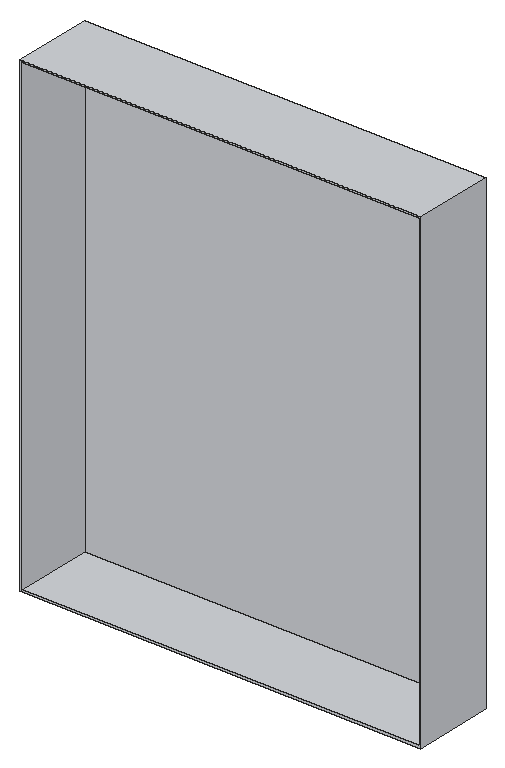
Revit family "Univers-IP30-leer-Aufputz-NoHosted-AT-de", category Electrical Equipment, Revit 2020
Family settings
  Panel Configuration = Two Columns, Circuits Across
  Round Connector Dimension = Use Diameter
  Part Type = Panelboard
  Work Plane-Based = Yes
  Always vertical = Yes
  Cut with Voids When Loaded = No
  Shared = No
  Room Calculation Point = No
Parameters (values of type "Aufputz IP30 B800 H950 T160 0 Teilungseinheiten - FWQ63D1")
  Width Control [instance] = if([HG000006 - Unterputz], if([EF000846 - Einbaubreite] > min_whd, [EF000846 - Einbaubreite], min_whd), if([EF000008 - Breite] > min_whd, ([EF000008 - Breite]), min_whd))  # 800 mm
  Void Depth [instance] = if([EF000218 - Einbautiefe] > 1 mm, [EF000218 - Einbautiefe], 1 mm)  # 160 mm
  Type Comments = [HG000003 - Bereich]  # "Univers"
  System Height [instance] = Height Control - 2 * [HG000005 - Dicke]  # 944 mm
  Panel Name [instance] = ""  # (empty or 0)
  Offset [instance] = 0 mm
  Model = [HG000004 - Herstellerreferenz]  # "FWQ63D1"
  Level Offset [instance] = [Flush Mounted - Door Frame Width] + Offset  # 0 mm
  HG000011 - Leere Reihen von unten = no
  HG000010 - Asymmetrische Türen = no
  HG000009 - Doppelflügeligen Tür = no
  HG000008 - Anzahl der leeren Reihen = 0
  HG000007 - Anzahl der leeren Spalten = 0
  HG000006 - Unterputz = no
  HG000005 - Dicke = 3 mm  # constant formula
  HG000004 - Herstellerreferenz = "FWQ63D1"
  HG000003 - Bereich = "Univers"
  HG000002 - Mit tür = no
  HG000001 - Anzahl der Spalten = 0
  EF015941 - Signaldurchlassende Tür = no
  EF015777 - Neutralleiterklemmenblock = no
  EF015776 - Erdungsklemmenblock = no
  EF009212 - Ausführung Deckel = "EV009916 - mit Ausschnitt"
  EF006306 - Mit Schloss = no
  EF006244 - Transparenter Deckel/Tür = no
  EF005474 - Schutzart (IP) = "EV006410 - IP30"
  EF004462 - Art der Schließung = "EV000154 - sonstige"
  EF002950 - Breite in Teilungseinheiten = 0
  EF001596 - Werkstoff des Gehäuses = "EV000179 - Stahl"
  EF001134 - DIN-Schiene = no
  EF001131 - Innentiefe = 160 mm
  EF001088 - Anbaumöglichkeit = no
  EF001062 - EMV-Ausführung = no
  EF000846 - Einbaubreite = 800 mm
  EF000339 - Art der Abdeckung = "EV000494 - ohne"
  EF000332 - Einbauhöhe = 950 mm
  EF000266 - Anzahl der Reihen = 0
  EF000218 - Einbautiefe = 160 mm
  EF000118 - Mit Montageplatte = yes
  EF000116 - RAL-Nummer = "9010"
  EF000049 - Tiefe = 160 mm
  EF000040 - Höhe = 950 mm
  EF000008 - Breite = 800 mm
  EF000007 - Farbe = "EV000202 - weiß"
  EF000003 - Montageart = "EV001247 - Aufputz/Unterputz"
  Description = ""
  Default Elevation = 1219.2 mm
  Arrow Offset [instance] = Depth Control / 8  # 20 mm
  Arrow Height [instance] = Depth Control - Arrow Offset  # 140 mm
  Host Offset [instance] = if([HG000006 - Unterputz], 0 mm, [EF000049 - Tiefe])  # 160 mm
  min_whd [instance] = (2 * [HG000005 - Dicke]) + 1 mm  # 7 mm
  Manufacturer = "Hager"  # constant formula
  Height Control [instance] = if([HG000006 - Unterputz], if([EF000332 - Einbauhöhe] > min_whd, [EF000332 - Einbauhöhe], min_whd), if([EF000040 - Höhe] > min_whd, ([EF000040 - Höhe]), min_whd))  # 950 mm
  Flush Mounted - Door Frame Width [instance] = if(([EF000040 - Höhe] - [EF000332 - Einbauhöhe]) > 0 mm, if([HG000006 - Unterputz], [EF000040 - Höhe] - [EF000332 - Einbauhöhe], 0 mm), 0 mm)  # 0 mm
  Tür rechts [instance] = yes
  Tür links [instance] = not(Tür rechts)  # no
  Türschwenkwinkel [instance] = 45.00°
  3D-Türsichtbarkeit [instance] = yes
  Depth Control [instance] = if([HG000006 - Unterputz], if([EF000218 - Einbautiefe] > 0 mm, [EF000218 - Einbautiefe], 1 mm), if([EF000049 - Tiefe] > 0 mm, ([EF000049 - Tiefe]), 1 mm))  # 160 mm
  Sichtbarkeit der Türöffnung [instance] = no
Types (20, lengths in mm): name | Width Control | Void Depth | System Height | Model | HG000004 - Herstellerreferenz | EF001131 - Innentiefe | EF000846 - Einbaubreite | EF000332 - Einbauhöhe | EF000218 - Einbautiefe | EF000118 - Mit Montageplatte | EF000049 - Tiefe | EF000040 - Höhe | EF000008 - Breite | Arrow Offset | Arrow Height | Host Offset | Height Control | Depth Control
  Aufputz IP30 B1050 H1100 T161 0 Teilungseinheiten - FWQ74D1 | 1050 | 161 | 1094 | "FWQ74D1" | "FWQ74D1" | 161 | 1050 | 1100 | 161 | yes | 161 | 1100 | 1050 | 20.125 | 140.875 | 161 | 1100 | 161
  Aufputz IP30 B1050 H650 T160 0 Teilungseinheiten - FWQ34D1 | 1050 | 160 | 644 | "FWQ34D1" | "FWQ34D1" | 160 | 1050 | 650 | 160 | yes | 160 | 650 | 1050 | 20 | 140 | 160 | 650 | 160
  Aufputz IP30 B1050 H650 T160 0 Teilungseinheiten - FWQ44D1 | 1050 | 160 | 644 | "FWQ44D1" | "FWQ44D1" | 160 | 1050 | 650 | 160 | yes | 160 | 650 | 1050 | 20 | 140 | 160 | 650 | 160
  Aufputz IP30 B1050 H800 T160 0 Teilungseinheiten - FWQ54D1 | 1050 | 160 | 794 | "FWQ54D1" | "FWQ54D1" | 160 | 1050 | 800 | 160 | yes | 160 | 800 | 1050 | 20 | 140 | 160 | 800 | 160
  Aufputz IP30 B1050 H950 T160 0 Teilungseinheiten - FWQ64D1 | 1050 | 160 | 944 | "FWQ64D1" | "FWQ64D1" | 160 | 1050 | 950 | 160 | yes | 160 | 950 | 1050 | 20 | 140 | 160 | 950 | 160
  Aufputz IP30 B300 H1100 T160 0 Teilungseinheiten - FWQ71D1 | 300 | 160 | 1094 | "FWQ71D1" | "FWQ71D1" | 160 | 300 | 1100 | 160 | yes | 160 | 1100 | 300 | 20 | 140 | 160 | 1100 | 160
  Aufputz IP30 B300 H500 T160 0 Teilungseinheiten - FWQ31D1 | 300 | 160 | 494 | "FWQ31D1" | "FWQ31D1" | 160 | 300 | 500 | 160 | yes | 160 | 500 | 300 | 20 | 140 | 160 | 500 | 160
  Aufputz IP30 B300 H650 T160 0 Teilungseinheiten - FWQ41D1 | 300 | 160 | 644 | "FWQ41D1" | "FWQ41D1" | 160 | 300 | 650 | 160 | yes | 160 | 650 | 300 | 20 | 140 | 160 | 650 | 160
  Aufputz IP30 B300 H800 T160 0 Teilungseinheiten - FWQ51D1 | 300 | 160 | 794 | "FWQ51D1" | "FWQ51D1" | 160 | 300 | 800 | 160 | yes | 160 | 800 | 300 | 20 | 140 | 160 | 800 | 160
  Aufputz IP30 B300 H950 T160 0 Teilungseinheiten - FWQ61D1 | 300 | 160 | 944 | "FWQ61D1" | "FWQ61D1" | 160 | 300 | 950 | 160 | yes | 160 | 950 | 300 | 20 | 140 | 160 | 950 | 160
  Aufputz IP30 B550 H1100 T160 0 Teilungseinheiten - FWQ72D1 | 550 | 160 | 1094 | "FWQ72D1" | "FWQ72D1" | 160 | 550 | 1100 | 160 | yes | 160 | 1100 | 550 | 20 | 140 | 160 | 1100 | 160
  Aufputz IP30 B550 H500 T160 0 Teilungseinheiten - FWQ32D1 | 550 | 160 | 494 | "FWQ32D1" | "FWQ32D1" | 160 | 550 | 500 | 160 | yes | 160 | 500 | 550 | 20 | 140 | 160 | 500 | 160
  Aufputz IP30 B550 H650 T160 0 Teilungseinheiten - FWQ42D1 | 550 | 160 | 644 | "FWQ42D1" | "FWQ42D1" | 160 | 550 | 650 | 160 | yes | 160 | 650 | 550 | 20 | 140 | 160 | 650 | 160
  Aufputz IP30 B550 H800 T160 0 Teilungseinheiten - FWQ52D1 | 550 | 160 | 794 | "FWQ52D1" | "FWQ52D1" | 160 | 550 | 800 | 160 | yes | 160 | 800 | 550 | 20 | 140 | 160 | 800 | 160
  Aufputz IP30 B550 H950 T160 0 Teilungseinheiten - FWQ62D1 | 550 | 160 | 944 | "FWQ62D1" | "FWQ62D1" | 160 | 550 | 950 | 160 | yes | 160 | 950 | 550 | 20 | 140 | 160 | 950 | 160
  Aufputz IP30 B800 H1100 T161 0 Teilungseinheiten - FWQ73D1 | 800 | 161 | 1094 | "FWQ73D1" | "FWQ73D1" | 161 | 800 | 1100 | 161 | yes | 161 | 1100 | 800 | 20.125 | 140.875 | 161 | 1100 | 161
  Aufputz IP30 B800 H500 T160 0 Teilungseinheiten - FWQ33D1 | 800 | 160 | 494 | "FWQ33D1" | "FWQ33D1" | 156 | 800 | 500 | 160 | no | 160 | 500 | 800 | 20 | 140 | 160 | 500 | 160
  Aufputz IP30 B800 H650 T160 0 Teilungseinheiten - FWQ43D1 | 800 | 160 | 644 | "FWQ43D1" | "FWQ43D1" | 160 | 800 | 650 | 160 | yes | 160 | 650 | 800 | 20 | 140 | 160 | 650 | 160
  Aufputz IP30 B800 H800 T160 0 Teilungseinheiten - FWQ53D1 | 800 | 160 | 794 | "FWQ53D1" | "FWQ53D1" | 160 | 800 | 800 | 160 | yes | 160 | 800 | 800 | 20 | 140 | 160 | 800 | 160
  Aufputz IP30 B800 H950 T160 0 Teilungseinheiten - FWQ63D1 | 800 | 160 | 944 | "FWQ63D1" | "FWQ63D1" | 160 | 800 | 950 | 160 | yes | 160 | 950 | 800 | 20 | 140 | 160 | 950 | 160
Reference planes
  plane 1 "Center (Front/Back)": y = 0
  plane 2: z = 0
  plane 3 "Center (Left/Right)": x = 0
  plane 4: y = 3
  plane 5: y = 0
  plane 6: y = 0
  plane 7: z = 0
  plane 8: x = -400
  plane 9: x = 400
  plane 10: x = 397
  plane 11: x = -397
  plane 12: z = 0
  plane 13: z = 3
  plane 14: y = -155
  plane 15: y = -160
  plane 16: y = -3
  plane 17: z = 947
  plane 18: z = 950
  plane 19: z = 475
  plane 20: x = 2000
  plane 21: x = 0
  plane 22: y = -2100
  plane 23: y = -100
Forms (mm)
  Extrusion 1, solid
    sketch origin (-208.679, -4572, 0) x (-1, 0, 0) y (0, -1, 0)
      loop
        line (191.321, -4412) -> (-608.679, -4412) -> (-608.679, -4572) -> (191.321, -4572) -> (191.321, -4412)
    from 0 to 950 <- "Height Control"
  Extrusion 2, void
    sketch origin (-350.771, -160, 1219.2) x (1, 0, 0) y (0, 0, 1)
      loop
        line (-46.229, -272.2) -> (-46.229, -1216.2) -> (747.771, -1216.2) -> (747.771, -272.2) -> (-46.229, -272.2)
    from 0 to -157
  Extrusion 3, solid, detail levels coarse
    sketch origin (-350.771, -160, 1219.2) x (-1, 0, 0) y (0, 0, 1)
      loop
        line (46.229, -272.2) -> (-747.771, -272.2) -> (-747.771, -1216.2) -> (46.229, -1216.2) -> (46.229, -272.2)
    from 0 to 3 <- "HG000005 - Dicke"
Cuts and joins
  Extrusion 2 cuts Extrusion 1
Dimensions and locks
  "Flush Mounted - Door Frame Width": plane 1 "Center (Front/Back)" to plane 6
  "HG000005 - Dicke": plane 4 to plane 6
  "HG000005 - Dicke": plane 8 to plane 11
  "HG000005 - Dicke": plane 9 to plane 10
  equal spacing: plane 8, plane 3 "Center (Left/Right)", plane 9
  "Width Control": plane 8 to plane 9
  locked: plane 14 to plane 15 at 5
  "Host Offset": plane 1 "Center (Front/Back)" to plane 15
  "Depth Control": plane 5 to plane 15
  "HG000005 - Dicke": plane 5 to plane 16
  "HG000005 - Dicke": plane 13 to plane 12
  "Level Offset": plane 12 to level
  "HG000005 - Dicke": plane 18 to plane 17
  "Height Control": plane 18 to plane 12
  "Arrow Offset": plane 5 to nested 4
  equal spacing: plane 18, plane 19, plane 12
  locked: connector elem to plane 19
  locked: connector elem to plane 3 "Center (Left/Right)"
  locked: plane 3 "Center (Left/Right)" to plane 20 at 2000
  locked: plane 21 to plane 20 at 2000
  locked: plane 23 to plane 22 at 2000
  aligned and locked: nested 1 to plane 14
  aligned and locked: plane 3 "Center (Left/Right)" to nested 1
  aligned and locked: plane 3 "Center (Left/Right)" to nested 2
  aligned and locked: nested 2 to plane 15
  aligned and locked: Extrusion 1 to plane 5
  aligned and locked: Extrusion 3 sketch curve to plane 17
  aligned and locked: Extrusion 3 sketch curve to plane 11
  aligned and locked: Extrusion 3 sketch curve to plane 13
  aligned and locked: Extrusion 3 sketch curve to plane 10
  aligned and locked: Extrusion 2 sketch curve to plane 13
  aligned and locked: Extrusion 2 sketch curve to plane 10
  aligned and locked: Extrusion 2 sketch curve to plane 17
  aligned and locked: Extrusion 2 sketch curve to plane 11
  aligned and locked: plane 16 to Extrusion 2
  aligned and locked: Extrusion 1 sketch curve to plane 5
  aligned and locked: plane 9 to Extrusion 1 sketch curve
  aligned and locked: plane 8 to Extrusion 1 sketch curve
  aligned and locked: plane 8 to nested 4
  aligned and locked: plane 8 to nested 3
  aligned and locked: nested 3 to plane 5
  aligned and locked: Extrusion 1 sketch curve to plane 15
  aligned and locked: Extrusion 2 to plane 15
Nested families
  nested 1: "Hager_Enclosure_System" at (0, -155, 3), No_Columns <- "HG000001 - Anzahl der Spalten", Flush_Mounted <- "HG000006 - Unterputz", Width <- "EF000008 - Breite", Height <- "System Height", Width_Control <- "Width Control", Row_Module_Multiplicator <- "EF002950 - Breite in Teilungseinheiten", Empty_Columns <- "HG000007 - Anzahl der leeren Spalten", No_Rows <- "EF000266 - Anzahl der Reihen", Built-in_Width <- "EF000846 - Einbaubreite", Border <- "HG000005 - Dicke", Total_No_Empty_Rows <- "HG000008 - Anzahl der leeren Reihen", Depth <- "HG000005 - Dicke", Empty_Rows_From_Bottom <- "HG000011 - Leere Reihen von unten", type "Hager_Enclosure_System", detail levels medium+fine
    with Width_Control 800 mm, Width 800 mm, Total_No_Rows 0, Total_No_Empty_Rows 0, Total_No_Columns 1, System_Width 794 mm, Rows_Column 0, Row_Module_Multiplicator 0, Panel_4 no, Panel_3 no, Panel_2 no, Panel_1 no, No_Rows 0, No_Panels_Ctrl 1, No_Columns 0, Hide_Columns yes, Height 944 mm, Flush_Mounted no, Empty_Rows_From_Bottom no, Empty_Rows_Column 0, Empty_Columns 0, Depth 3 mm, Column_Width 794 mm, Built-in_Width 800 mm, Border 3 mm
  nested 2: "Hager_Enclosure_Door" at (0, -160, 0), Double <- "HG000009 - Doppelflügeligen Tür", Height_Ctrl <- "Height Control", Transparent <- "EF006244 - Transparenter Deckel/Tür", Depth <- "EF000049 - Tiefe", Height <- "EF000040 - Höhe", Angle <- "Türschwenkwinkel", Door_Right <- "Tür rechts", Assymetrical <- "HG000010 - Asymmetrische Türen", Flush_Mounted <- "HG000006 - Unterputz", BuiltIn_Depth <- "EF000218 - Einbautiefe", BuiltIn_Width <- "EF000846 - Einbaubreite", Door <- "HG000002 - Mit tür", Width_Ctrl <- "Width Control", 3d_Door <- "3D-Türsichtbarkeit", Width <- "EF000008 - Breite", Border <- "HG000005 - Dicke", BuiltIn_Height <- "EF000332 - Einbauhöhe", Clearance <- "Sichtbarkeit der Türöffnung", Door_Left <- "Tür links", type "Hager_Enclosure_Door", detail levels medium+fine
    with min_wh 7 mm, Width_Ctrl 800 mm, Width 800 mm, Transparent no, Leaf_Width 791 mm, Leaf_Tolerance 1.5 mm, Leaf_Height 941 mm, Leaf_2_Width 791 mm, Leaf_2_Offset 395.5 mm, Leaf_1_Width 791 mm, Leaf_1_Offset 395.5 mm, Height_Ctrl 950 mm, Height 950 mm, Frame_Width_Ctrl 1 mm, Frame_Width 0 mm, Frame_Internal_Offset 0 mm, Frame_Height_Ctrl 1 mm, Frame_Height 0 mm, Frame_Depth_Ctrl 1 mm, Frame_Depth 0 mm, Flush_Mounted no, Double_Clearance_Ctrl no, Double no, Door_Right_Ctrl no, Door_Right yes, Door_Left_Ctrl no, Door_Left no, Door no, Depth 160 mm, Clearance_Depth 791 mm, Clearance_Ctrl no, Clearance no, BuiltIn_Width 800 mm, BuiltIn_Height 950 mm, BuiltIn_Depth 160 mm, Border 3 mm, Assymetrical no, Angle 45.00°, 3d_Door yes
  nested 3: "Hager_Enclosure_Symbol_Triangle" at (-400, 0, 0), Depth <- "Depth Control", Width <- "Width Control", type "Hager_Enclosure_Symbol_Triangle"
    with Width_Ctrl 800 mm, Width 800 mm, Depth_Ctrl 160 mm, Depth 160 mm
  nested 4: "Hager_Enclosure_Symbol_Arrow" at (-400, -20, 0), Height <- "Arrow Height", type "Hager_Enclosure_Symbol_Arrow"
    with Width_Inside 10.5 mm, Width 126 mm, Height_Ctrl 140 mm, Height 140 mm
Connectors
  electrical at (0, 0, 475)
    settings: on plane 5, index 1, voltage 0 V, apparent load 0 VA, apparent load phase1 0 VA, apparent load phase2 0 VA, apparent load phase3 0 VA, power factor 1, load classification "Other", number of poles 1, system type 30, power factor state 1, is connector primary yes, connector utility no, sub classification motor no, connector description ""
Definition of nested family "Hager_Enclosure_Door"
  Parameters (values of type "Hager_Enclosure_Door")
    min_wh [instance] = (2 * Border) + 1 mm  # 11 mm
    Width_Ctrl [instance] = 400 mm
    Width [instance] = 500 mm
    Transparent [instance] = yes
    Leaf_Width [instance] = if((Width_Ctrl - 2 * Border - 2 * Leaf_Tolerance) > 0 mm, (Width_Ctrl - 2 * Border - 2 * Leaf_Tolerance), min_wh)  # 387 mm
    Leaf_Tolerance [instance] = 1.5 mm  # constant formula
    Leaf_Height [instance] = if((Height_Ctrl - 2 * Border - 2 * Leaf_Tolerance) > 0 mm, (Height_Ctrl - 2 * Border - 2 * Leaf_Tolerance), min_wh)  # 387 mm
    Leaf_2_Width [instance] = if(and(and(Double, Assymetrical), Door_Left), (Leaf_Width / 3) - (Leaf_Tolerance / 2), if(and(and(Double, Assymetrical), Door_Right), (Leaf_Width / 3) * 2 - (Leaf_Tolerance / 2), if(and(Double, not(Assymetrical)), (Leaf_Width / 2) - Leaf_Tolerance, Leaf_Width)))  # 192 mm
    Leaf_2_Offset [instance] = if(and(Double, Assymetrical), Leaf_2_Width / 2, if(and(Double, not(Assymetrical)), Leaf_Width / 4, Leaf_Width / 2))  # 96.75 mm
    Leaf_1_Width [instance] = if(and(and(Double, Assymetrical), Door_Right), (Leaf_Width / 3) - (Leaf_Tolerance / 2), if(and(and(Double, Assymetrical), Door_Left), (Width / 3) * 2 - (Leaf_Tolerance / 2), if(and(Double, not(Assymetrical)), (Leaf_Width / 2) - Leaf_Tolerance, Leaf_Width)))  # 192 mm
    Leaf_1_Offset [instance] = if(and(Double, Assymetrical), Leaf_1_Width / 2, if(and(Double, not(Assymetrical)), Leaf_Width / 4, Leaf_Width / 2))  # 96.75 mm
    Height_Ctrl [instance] = 400 mm
    Height [instance] = 500 mm
    Frame_Width_Ctrl [instance] = if(Frame_Width > 0 mm, Frame_Width, 1 mm)  # 1 mm
    Frame_Width [instance] = Width - BuiltIn_Width  # 0 mm
    Frame_Internal_Offset [instance] = if(Flush_Mounted, Border, 0 mm)  # 0 mm
    Frame_Height_Ctrl [instance] = if(Frame_Height > 0 mm, Frame_Height, 1 mm)  # 1 mm
    Frame_Height [instance] = Height - BuiltIn_Height  # 0 mm
    Frame_Depth_Ctrl [instance] = if(Frame_Depth > 0 mm, Frame_Depth, 1 mm)  # 1 mm
    Frame_Depth [instance] = if(Depth - BuiltIn_Depth > 0 mm, if(Flush_Mounted, Depth - BuiltIn_Depth, 0 mm), 0 mm)  # 0 mm
    Flush_Mounted [instance] = no
    Double_Clearance_Ctrl [instance] = and(Double, Clearance)  # yes
    Double [instance] = yes
    Door_Right_Ctrl [instance] = and(or(Door_Right, Double), Door)  # yes
    Door_Right [instance] = yes
    Door_Left_Ctrl [instance] = and(or(Door_Left, Double), Door)  # yes
    Door_Left [instance] = no
    Door [instance] = yes
    Depth [instance] = 500 mm
    Default Elevation = 1219.2 mm
    Clearance_Material = none
    Clearance_Depth [instance] = if(Leaf_1_Width > Leaf_2_Width, Leaf_1_Width, Leaf_2_Width)  # 192 mm
    Clearance_Ctrl [instance] = and(not(Double), Clearance)  # no
    Clearance [instance] = yes
    BuiltIn_Width [instance] = 500 mm
    BuiltIn_Height [instance] = 500 mm
    BuiltIn_Depth [instance] = 500 mm
    Border [instance] = 5 mm
    Assymetrical [instance] = no
    Angle [instance] = 65.00°
    3d_Door [instance] = yes
  Reference planes
    plane 1 "Center (Front/Back)": y = 0
    plane 2 "Bottom": z = 0
    plane 3 "Center (Left/Right)": x = 0
    plane 4: z = 400
    plane 5: x = -200
    plane 6: x = 200
    plane 7: z = 395
    plane 8: x = -195
    plane 9: z = 5
    plane 10: x = 195
    plane 11: y = 0
    plane 12: z = 6.5
    plane 13: x = -387
    plane 14: y = -192
    plane 15: x = 387
    plane 16: x = -96.75
    plane 17: x = 96.75
    plane 18: x = -193.5
    plane 19: x = 193.5
    plane 20: z = 393.5
  Forms (mm)
    Extrusion 1, solid, visible <- "Flush_Mounted"
      sketch origin (0, 0, 0) x (1, 0, 0) y (0, 0, 1)
        loop
          line (200, 0) -> (200, 400) -> (-200, 400) -> (-200, 0) -> (200, 0)
        loop
          line (-201, 401) -> (-201, -1) -> (201, -1) -> (201, 401) -> (-201, 401)
      from 0 to 1 <- "Frame_Depth_Ctrl"
    Extrusion 2, solid, material <- "Clearance_Material", visible <- "Double_Clearance_Ctrl"
      sketch origin (1200, 0, 0) x (1, 0, 0) y (0, 0, -1)
        loop
          line (-1587, -393.5) -> (-813, -393.5) -> (-813, 0) -> (-1587, 0) -> (-1587, -393.5)
      from 0 to -192
  Dimensions and locks
    equal spacing: plane 5, plane 3 "Center (Left/Right)", plane 6
    "Width_Ctrl": plane 5 to plane 6
    "Border": plane 5 to plane 8
    "Border": plane 6 to plane 10
    "Border": plane 9 to level
    "Border": plane 4 to plane 7
    "Height_Ctrl": plane 4 to level
    "Leaf_Tolerance": plane 12 to plane 9
    "Frame_Depth": plane 11 to plane 1 "Center (Front/Back)"
    "Frame_Width_Ctrl": plane 5 to Extrusion 1 sketch curve
    "Frame_Width_Ctrl": plane 6 to Extrusion 1 sketch curve
    "Frame_Width_Ctrl": Extrusion 1 sketch curve to plane 4
    "Frame_Width_Ctrl": plane 2 "Bottom" to Extrusion 1 sketch curve
    "Leaf_1_Offset": plane 18 to plane 16
    "Leaf_2_Offset": plane 17 to plane 19
    "Leaf_1_Width": plane 13 to plane 8
    "Leaf_2_Width": plane 10 to plane 15
    "Clearance_Depth": plane 14 to plane 1 "Center (Front/Back)"
    "Leaf_Tolerance": plane 8 to plane 18
    "Leaf_Tolerance": plane 19 to plane 10
    "Leaf_Tolerance": plane 7 to plane 20
    "Frame_Internal_Offset": plane 5 to Extrusion 1 sketch curve
    "Frame_Internal_Offset": Extrusion 1 sketch curve to plane 2 "Bottom"
    "Frame_Internal_Offset": plane 6 to Extrusion 1 sketch curve
    "Frame_Internal_Offset": plane 4 to Extrusion 1 sketch curve
    aligned and locked: level to plane 2 "Bottom"
    aligned and locked: nested 1 to plane 16
    aligned and locked: nested 2 to plane 17
    aligned and locked: Extrusion 2 to plane 13
    aligned and locked: plane 15 to Extrusion 2
    aligned and locked: Extrusion 2 to plane 14
    aligned and locked: plane 12 to nested 1
    aligned and locked: nested 2 to plane 12
    aligned and locked: Extrusion 2 to plane 11
    aligned and locked: plane 20 to Extrusion 2
    aligned and locked: nested 2 to plane 11
    aligned and locked: nested 1 to plane 11
  Automatic sketch dimensions
    Extrusion 2 sketch curve to level = 0 mm
    plane 5 to Extrusion 2 sketch curve = 187 mm
    plane 6 to Extrusion 2 sketch curve = 187 mm
    Extrusion 2 sketch curve to plane 4 = 6.5 mm
  Nested families
    nested 1: "Hager_Enclosure_Door_Leaf" at (-96.75, 0, 6.5), Width <- "Leaf_1_Width", visible <- "Door_Left_Ctrl", Leaf_Height <- "Leaf_Height", Angle <- "Angle", Depth <- "Border", 3d_Door <- "3d_Door", Transparent <- "Transparent", Clearance Material <- "Clearance_Material", Clearance <- "Clearance_Ctrl", type "Hager_Enclosure_Door_Leaf"
      with Width 192 mm, Transparent_Door_Border 25 mm, Transparent_Ctrl yes, Transparent yes, Standard no, Leaf_Height 387 mm, Glass_Offset 1 mm, Depth 5 mm, Clearance Material none, Clearance no, Angle_Ctrl 65.00°, Angle 65.00°, 3d_Door yes
    nested 2: "Hager_Enclosure_Door_Leaf" at (96.75, 0, 6.5) x (-1, 0, 0) z (0, 0, 1), Width <- "Leaf_2_Width", visible <- "Door_Right_Ctrl", Leaf_Height <- "Leaf_Height", Angle <- "Angle", Depth <- "Border", 3d_Door <- "3d_Door", Transparent <- "Transparent", Clearance Material <- "Clearance_Material", Clearance <- "Clearance_Ctrl", type "Hager_Enclosure_Door_Leaf"
      with Width 192 mm, Transparent_Door_Border 25 mm, Transparent_Ctrl yes, Transparent yes, Standard no, Leaf_Height 387 mm, Glass_Offset 1 mm, Depth 5 mm, Clearance Material none, Clearance no, Angle_Ctrl 65.00°, Angle 65.00°, 3d_Door yes
  Definition of nested family "Hager_Enclosure_Door_Leaf"
    Parameters (values of type "Hager_Enclosure_Door_Leaf")
      Width [instance] = 200 mm
      Transparent_Door_Border [instance] = 25 mm  # constant formula
      Transparent_Ctrl [instance] = and(Transparent, [3d_Door])  # yes
      Transparent [instance] = yes
      Standard [instance] = and(not(Transparent), [3d_Door])  # no
      Leaf_Height [instance] = 500 mm
      Glass_Offset [instance] = if((Depth - 10 mm) / 2 > 0 mm, (Depth - 10 mm) / 2, 1 mm)  # 1 mm
      Glass_Material = none
      Depth [instance] = 3 mm
      Default Elevation = 0 mm
      Clearance Material [instance] = none
      Clearance [instance] = no
      Angle_Ctrl [instance] = if(Angle > 170.00°, 170.00°, Angle)  # 163.00°
      Angle [instance] = 163.00°
      3d_Door [instance] = yes
    Reference planes
      plane 1 "Center (Front/Back)": y = 0
      plane 2: z = 0
      plane 3 "Center (Left/Right)": x = 0
      plane 4: y = 200
      plane 5: x = -100
      plane 6: x = 100
      plane 7: x = -300
      plane 8: z = 500
      plane 9: z = 25
      plane 10: z = 475
      plane 11: x = 75
      plane 12: x = -75
    Forms (mm)
      Extrusion 1, solid, material <- "Clearance Material", visible <- "Clearance"
        sketch origin (0, 0, 0) x (1, 0, 0) y (0, 0, 1)
          loop
            line (-300, 500) -> (-300, 0) -> (100, 0) -> (100, 500) -> (-300, 500)
        from 0 to -200
      Extrusion 2, solid, visible <- "Standard", detail levels fine
        sketch origin (-100, 0, 0) x (-0.956305, 0.292372, 0) y (-0.292372, -0.956305, 0)
          loop
            line (0, -3) -> (200, -3) -> (200, 0) -> (0, 0) -> (0, -3)
        from 0 to 500 <- "Leaf_Height"
      Extrusion 3, solid, visible <- "Transparent_Ctrl", detail levels fine
        sketch origin (-100, 0, 0) x (-0.956305, 0.292372, 0) y (-0.292372, -0.956305, 0)
          loop
            line (0, -3) -> (200, -3) -> (200, 0) -> (0, 0) -> (0, -3)
        from 0 to 500 <- "Leaf_Height"
      Extrusion 4, void, detail levels fine
        sketch origin (-100, 0, 0) x (-0.292372, -0.956305, 0) y (-0.956305, 0.292372, 0)
          loop
            line (0, 25) -> (0, 175) -> (-3, 175) -> (-3, 25) -> (0, 25)
        from -475 to -25
      Extrusion 5, solid, material <- "Glass_Material", visible <- "Transparent_Ctrl", detail levels fine
        sketch origin (-100, 0, 0) x (-0.956305, 0.292372, 0) y (-0.292372, -0.956305, 0)
          loop
            line (25, -1) -> (25, -2) -> (175, -2) -> (175, -1) -> (25, -1)
        from 25 to 475
    Cuts and joins
      Extrusion 4 cuts Extrusion 3
    Lines and regions (mm)
      symbolic lines
        curve 1: line (100, 0, 0) -> (-300, 0, 0)
        curve 2: arc (100, 0, 0) -> (-100, 200, 0) -> (-300, 0, 0) r 200
        curve 4: line (-100, 0, 0) -> (-291.261, 58.474, 0)
      reference lines
        curve 3: line (-100, 0, 0) -> (-291.261, 58.474, 0)
      symbolic lines, detail levels medium+fine
        curve 5: line (-291.261, 58.474, 0) -> (-290.384, 61.343, 0)
        curve 6: line (-290.384, 61.343, 0) -> (-99.123, 2.869, 0)
        curve 7: line (-99.123, 2.869, 0) -> (-100, 0, 0)
      symbolic lines, detail levels fine
        curve 8: line (-100, 0, 500) -> (100, 0, 500)
        curve 9: line (-100, 0, 0) -> (-100, 0, 500)
        curve 10: line (100, 0, 0) -> (-100, 0, 0)
        curve 11: line (100, 0, 500) -> (100, 0, 0)
      symbolic lines, visible <- "Transparent_Ctrl", detail levels fine
        curve 12: line (-75, 0, 475) -> (75, 0, 475)
        curve 13: line (-75, 0, 25) -> (-75, 0, 475)
        curve 14: line (75, 0, 25) -> (-75, 0, 25)
        curve 15: line (75, 0, 475) -> (75, 0, 25)
    Dimensions and locks
      "Width": plane 1 "Center (Front/Back)" to plane 4
      equal spacing: plane 5, plane 3 "Center (Left/Right)", plane 6
      "Width": plane 5 to plane 6
      "Width": plane 7 to plane 5
      "Leaf_Height": plane 8 to level
      "Depth": curve 6 to curve 3
      "Width": curve 5 to curve 3
      "Width": curve 3 to curve 3
      "Transparent_Door_Border": Extrusion 4 sketch curve to curve 7
      "Transparent_Door_Border": Extrusion 4 sketch curve to curve 5
      "Transparent_Door_Border": plane 8 to plane 10
      "Transparent_Door_Border": plane 9 to level
      "Glass_Offset": Extrusion 5 sketch curve to curve 4
      "Glass_Offset": Extrusion 5 sketch curve to curve 6
      "Transparent_Door_Border": Extrusion 5 sketch curve to curve 5
      "Transparent_Door_Border": Extrusion 5 sketch curve to curve 7
      "Transparent_Door_Border": plane 12 to plane 5
      "Transparent_Door_Border": plane 6 to plane 11
      "Angle_Ctrl": angle plane 1 "Center (Front/Back)" to curve 3
      aligned and locked: level to plane 2
      aligned and locked: Extrusion 1 to curve 1
      aligned and locked: plane 6 to Extrusion 1
      aligned and locked: plane 1 "Center (Front/Back)" to Extrusion 1
      aligned and locked: plane 4 to Extrusion 1
      aligned and locked: plane 8 to Extrusion 1
      aligned and locked: curve 4 to curve 3
      aligned and locked: Extrusion 2 sketch curve to curve 7
      aligned and locked: Extrusion 2 sketch curve to curve 6
      aligned and locked: Extrusion 2 sketch curve to curve 5
      aligned and locked: Extrusion 2 sketch curve to curve 3
      aligned and locked: curve 7 to Extrusion 3 sketch curve
      aligned and locked: Extrusion 3 sketch curve to curve 4
      aligned and locked: Extrusion 3 sketch curve to curve 6
      aligned and locked: Extrusion 3 sketch curve to curve 5
      aligned and locked: curve 4 to Extrusion 4 sketch curve
      aligned and locked: curve 6 to Extrusion 4 sketch curve
      aligned and locked: Extrusion 4 to plane 9
      aligned and locked: Extrusion 4 to plane 10
      aligned and locked: Extrusion 5 to plane 9
      aligned and locked: Extrusion 5 to plane 10
      aligned and locked: curve 8 to plane 8
      aligned and locked: plane 5 to curve 9
      aligned and locked: plane 2 to curve 10
      aligned and locked: curve 11 to plane 6
      aligned and locked: plane 10 to curve 12
      aligned and locked: plane 12 to curve 13
      aligned and locked: plane 9 to curve 14
      aligned and locked: plane 11 to curve 15
    Automatic sketch dimensions
      plane 1 "Center (Front/Back)" to curve 2 = 0 mm
      curve 2 to plane 5 = 0 mm
      Extrusion 1 sketch curve to level = 0 mm
      Extrusion 1 sketch curve to plane 7 = 0 mm
      Extrusion 1 sketch curve to plane 6 = 0 mm
      Extrusion 1 sketch curve to plane 8 = 0 mm
      plane 1 "Center (Front/Back)" to curve 3 = 0 mm
      curve 3 to plane 5 = 0 mm
      curve 7 to curve 3 = 0 mm
Definition of nested family "Hager_Enclosure_Symbol_Triangle"
  Parameters (values of type "Hager_Enclosure_Symbol_Triangle")
    Width_Ctrl [instance] = if(Width > 1 mm, Width, 1 mm)  # 498 mm
    Width [instance] = 498 mm
    Depth_Ctrl [instance] = if(Depth > 1 mm, Depth, 1 mm)  # 72 mm
    Depth [instance] = 72 mm
  Reference planes
    plane 1 "Centre (avant/arrière)": y = 0
    plane 2: z = 0
    plane 3 "Centre (gauche/droite)": x = 0
  Lines and regions (mm)
    Filled region 1, type "Solid_Black", in view "Niveau de réf."
      outline origin (0, 0, 0) x (1, 0, 0) y (0, 1, 0)
        loop
          line (0, 0) -> (498, 0) -> (498, 72) -> (0, 0)
    reference lines, in view "Niveau de réf."
      curve 1: line (-206.153, 72, 0) -> (1083.258, 72, 0)
      curve 2: line (498, 405.456, 0) -> (498, -517.619, 0)
  Dimensions and locks
    "Depth_Ctrl": plane 1 "Centre (avant/arrière)" to curve 1
    "Width_Ctrl": plane 3 "Centre (gauche/droite)" to curve 2
    aligned and locked: curve 1 to Filled region 1 sketch curve
    aligned and locked: Filled region 1 sketch curve to plane 1 "Centre (avant/arrière)"
    aligned and locked: curve 2 to Filled region 1 sketch curve
    aligned and locked: plane 3 "Centre (gauche/droite)" to Filled region 1 sketch curve
    aligned and locked: plane 1 "Centre (avant/arrière)" to Filled region 1 sketch curve
  Automatic sketch dimensions
    curve 1 to plane 3 "Centre (gauche/droite)" = 206.153 mm
    curve 2 to curve 1 = 585.258 mm
    plane 1 "Centre (avant/arrière)" to curve 2 = 517.619 mm
    curve 2 to plane 1 "Centre (avant/arrière)" = 405.456 mm
Definition of nested family "Hager_Enclosure_Symbol_Arrow"
  Parameters (values of type "Hager_Enclosure_Symbol_Arrow")
    Width_Inside [instance] = if(Width / 12 > 2 mm, Width / 12, 2 mm)  # 4.987 mm
    Width [instance] = if(Height_Ctrl * 0.9 > 2 mm, Height_Ctrl * 0.9, 2 mm)  # 59.85 mm
    Height_Ctrl [instance] = if(Height > 2 mm, Height, 2 mm)  # 66.5 mm
    Height [instance] = 66.5 mm
  Reference planes
    plane 1 "Centre (avant/arrière)": y = 0
    plane 2: z = 0
    plane 3 "Centre (gauche/droite)": x = 0
    plane 4: x = 59.85
    plane 5: y = 28.263
    plane 6: y = 38.238
    plane 7: y = 66.5
    plane 8: x = 29.925
    plane 9: y = 33.25
  Lines and regions (mm)
    Filled region 1, type "Solid_Black", in view "Niveau de réf."
      outline origin (0, 0, 0) x (1, 0, 0) y (0, 1, 0)
        loop
          line (59.85, 66.5) -> (37.929, 52.827) -> (51.846, 41.935) -> (59.85, 66.5)
    detail lines, in view "Niveau de réf."
      curve 1: line (0, 0, 0) -> (29.925, 38.238, 0)
      curve 2: line (29.925, 38.238, 0) -> (29.925, 28.263, 0)
      curve 3: line (29.925, 28.263, 0) -> (59.85, 66.5, 0)
  Dimensions and locks
    "Width": plane 3 "Centre (gauche/droite)" to plane 4
    "Height_Ctrl": plane 7 to plane 1 "Centre (avant/arrière)"
    equal spacing: plane 3 "Centre (gauche/droite)", plane 8, plane 4
    equal spacing: plane 7, plane 9, plane 1 "Centre (avant/arrière)"
    equal spacing: plane 6, plane 9, plane 5
    "Width_Inside": plane 6 to plane 9
    equal spacing: curve 3, Filled region 1 sketch curve, Filled region 1 sketch curve
    angle Filled region 1 sketch curve to curve 3 = 20.00°
    angle curve 3 to Filled region 1 sketch curve = 20.00°
    locked: curve 3 to Filled region 1 sketch curve (angle 90.00°)
  Automatic sketch dimensions
    plane 1 "Centre (avant/arrière)" to curve 1 = 0 mm
    curve 1 to plane 3 "Centre (gauche/droite)" = 0 mm
    curve 2 to plane 6 = 0 mm
    curve 3 to plane 8 = 0 mm
    curve 3 to plane 4 = 0 mm
    curve 2 to plane 5 = 0 mm
    curve 3 to plane 7 = 0 mm
    Filled region 1 sketch curve to plane 4 = 0 mm
    Filled region 1 sketch curve to plane 7 = 0 mm
